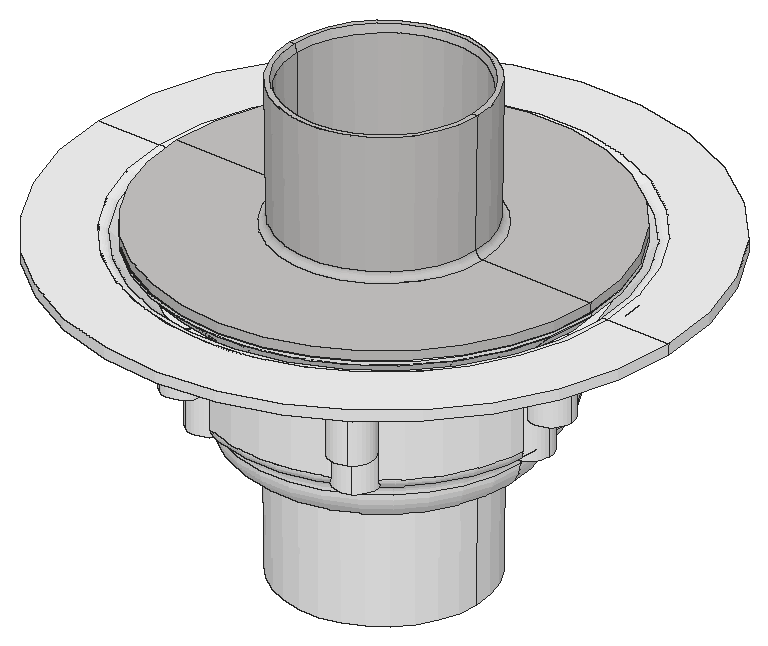
Revit family "3000.111.1 & 112.1 DPJ 65x80 BF", category Plumbing Fixtures, Revit 2019
Family settings
  Round Connector Dimension = Use Diameter
  Part Type = Normal
  OmniClass Number = 23.45.00.00
  Work Plane-Based = No
  Always vertical = Yes
  Cut with Voids When Loaded = No
  Shared = No
  Room Calculation Point = No
Parameters (values of type "DPJ 65x80nv")
  Waste Connection = yes
  Vent Connection = no
  V = not(NV)  # no
  URL = "www.aquaknight.co.nz"
  Phone = "+6498322214"  # constant formula
  NV = yes
  Model = "3000.112.1"
  Manufacturer = "Aquanight Industries Ltd"  # constant formula
  Inlet = 27.5 mm
  HW Connection = no
  Email = "info@aquaknight.co.nz"  # constant formula
  Description = "DownPipe Junction 65x80 non-vented"
  CW Connection = no
Types (2, lengths in mm): name | V | NV | Model | Inlet | Description
  DPJ 65x80v | yes | no | "3000.111.1" | 26 | "DownPipe Junction 65x80 vented"
  DPJ 65x80nv | no | yes | "3000.112.1" | 27.5 | "DownPipe Junction 65x80 non-vented"
Reference planes
  plane 1 "Center (Front/Back)": y = 0
  plane 2: z = 0
  plane 3 "Center (Left/Right)": x = 0
  plane 4: z = -98.932
  plane 5: z = 27.5
Forms (mm)
  Revolve 1, solid, material "Plastic, Glossy White"
    sketch origin (0, 0, -4) x (1, 0, 0) y (0, 0, 1)
      loop
        line (115, 0) -> (115, 4) -> (90.299, 4)
        arc (90.299, 4) -> (88.306, 3.585) -> (86.643, 2.41) r 5
        line (86.643, 2.41) -> (74.57, -10.536) -> (74.57, -12.5) -> (58.75, -12.5) -> (58.418, -50.494)
        arc (58.418, -50.494) -> (53.232, -54.057) -> (51.2, -60.012) r 10
        arc (51.2, -60.012) -> (49.075, -65.373) -> (43.898, -67.912) r 8
        line (43.898, -67.912) -> (39.586, -68.289)
        arc (39.586, -68.289) -> (35.703, -70.193) -> (34.109, -74.213) r 6
        line (34.109, -74.213) -> (33.723, -117.432) -> (37.723, -117.432) -> (38.125, -72.432) -> (44.246, -71.897)
        arc (44.246, -71.897) -> (52.012, -68.088) -> (55.2, -60.047) r 12
        arc (55.2, -60.047) -> (56.482, -56.392) -> (59.73, -54.282) r 6
        arc (59.73, -54.282) -> (61.906, -52.862) -> (62.75, -50.404) r 4
        line (62.75, -50.404) -> (62.75, -19.5) -> (74.07, -19.5)
        arc (74.07, -19.5) -> (76.898, -18.328) -> (78.07, -15.5) r 4
        line (78.07, -15.5) -> (78.07, -13.588)
        arc (78.07, -13.588) -> (78.236, -12.713) -> (78.711, -11.961) r 2.385
        line (78.711, -11.961) -> (89.864, 0) -> (115, 0)
      loop
        line (83.727, 2.845) -> (83.727, 4) -> (75.25, 4) -> (75.25, -0.6) -> (59.25, -0.6) -> (59.25, -5.1) -> (75.5, -5.1) -> (83.727, 2.845)
      axis (0, 4) -> (0, -117.432)
    angle from 0 to 360
  Extrusion 2, solid, material "Plastic, Glossy White", detail levels fine
    sketch origin (0, 0, -4) x (1, 0, 0) y (0, 1, 0)
      loop
        circle (-67.55, 0) r 8.2
      loop
        circle (67.55, 0) r 8.2
      loop
        circle (-33.775, -58.5) r 8.2
      loop
        circle (33.775, 58.5) r 8.2
      loop
        circle (33.775, -58.5) r 8.2
      loop
        circle (-33.775, 58.5) r 8.2
    from -38.379 to -12.5
  Revolve 3, solid, visible <- "V"
    sketch origin (0, 0, 0) x (1, 0, 0) y (0, 0, 1)
      loop
        line (35.279, 48.923) -> (34.624, -1.09) -> (31.114, -4.6) -> (31.114, -8.585) -> (35.1, -4.6) -> (74.875, -4.6) -> (74.875, -0.163) -> (39.508, -0.162)
        arc (39.508, -0.162) -> (38.119, 0.399) -> (37.51, 1.768) r 2
        line (37.51, 1.768) -> (37.329, 6.932) -> (37.918, 51.875) -> (36.111, 51.875) -> (35.279, 48.923)
      axis (0, 51.875) -> (0, -8.585)
    angle from 0 to 360
  Revolve 4, solid, material "Stainless Steel", visible <- "NV"
    sketch origin (0, 0, 0) x (1, 0, 0) y (0, 0, 1)
      loop
        line (-37.905, 55.395) -> (-37.266, 6.57)
        arc (-37.266, 6.57) -> (-38.025, 4.684) -> (-39.901, 3.9) r 2.635
        line (-39.901, 3.9) -> (-83.625, 3.9) -> (-83.625, 0.426) -> (-53.071, 0.038) -> (-35.237, 0.037) -> (-31.114, -4.085) -> (-31.114, 0.864) -> (-34.637, 4.387) -> (-35.265, 52.395) -> (-36.111, 55.395) -> (-37.905, 55.395)
      loop
        line (-75.25, 0.037) -> (-83.656, 0.037) -> (-83.656, -1.232) -> (-76.076, -8.812) -> (-59.25, -8.812) -> (-59.25, -4.6) -> (-75.25, -4.6) -> (-75.25, 0.037)
      axis (0, 55.395) -> (0, -8.812)
    angle from 0 to 360
  Extrusion 5, void
    sketch origin (0, 0, 0) x (1, 0, 0) y (0, 1, 0)
      loop
        line (-16.76, 36.181) -> (-14.686, 37.071) -> (-24.247, 66.093) -> (-31.215, 63.102) -> (-16.76, 36.181)
      loop
        line (-10.223, 38.542) -> (-8.026, 39.058) -> (-12.402, 69.299) -> (-19.783, 67.563) -> (-10.223, 38.542)
      loop
        line (-3.375, 39.731) -> (-1.122, 39.859) -> (-0.18, 70.4) -> (-7.75, 69.972) -> (-3.375, 39.731)
      loop
        line (3.576, 39.714) -> (5.817, 39.448) -> (12.048, 69.361) -> (4.518, 70.255) -> (3.576, 39.714)
      loop
        line (-36.096, 16.943) -> (-35.079, 18.958) -> (-61.058, 35.044) -> (-64.473, 28.274) -> (-36.096, 16.943)
      loop
        line (-32.605, 22.954) -> (-31.254, 24.761) -> (-54.045, 45.114) -> (-58.584, 39.04) -> (-32.605, 22.954)
      loop
        line (-28.124, 28.267) -> (-26.48, 29.812) -> (-45.39, 53.814) -> (-50.914, 48.62) -> (-28.124, 28.267)
      loop
        line (-22.788, 32.721) -> (-20.901, 33.958) -> (-35.356, 60.878) -> (-41.698, 56.723) -> (-22.788, 32.721)
      loop
        line (-38.542, -10.223) -> (-39.058, -8.026) -> (-69.299, -12.402) -> (-67.563, -19.783) -> (-38.542, -10.223)
      loop
        line (-39.731, -3.375) -> (-39.859, -1.122) -> (-70.4, -0.18) -> (-69.972, -7.75) -> (-39.731, -3.375)
      loop
        line (-39.714, 3.576) -> (-39.448, 5.817) -> (-69.361, 12.048) -> (-70.255, 4.518) -> (-39.714, 3.576)
      loop
        line (-38.489, 10.418) -> (-37.838, 12.578) -> (-66.216, 23.909) -> (-68.403, 16.649) -> (-38.489, 10.418)
      loop
        line (-22.954, -32.605) -> (-24.761, -31.254) -> (-45.114, -54.045) -> (-39.04, -58.584) -> (-22.954, -32.605)
      loop
        line (-28.267, -28.124) -> (-29.812, -26.48) -> (-53.814, -45.39) -> (-48.62, -50.914) -> (-28.267, -28.124)
      loop
        line (-32.721, -22.788) -> (-33.958, -20.901) -> (-60.878, -35.356) -> (-56.723, -41.698) -> (-32.721, -22.788)
      loop
        line (-36.181, -16.76) -> (-37.071, -14.686) -> (-66.093, -24.247) -> (-63.102, -31.215) -> (-36.181, -16.76)
      loop
        line (3.375, -39.731) -> (1.122, -39.859) -> (0.18, -70.4) -> (7.75, -69.972) -> (3.375, -39.731)
      loop
        line (-3.576, -39.714) -> (-5.817, -39.448) -> (-12.048, -69.361) -> (-4.518, -70.255) -> (-3.576, -39.714)
      loop
        line (-10.418, -38.489) -> (-12.578, -37.838) -> (-23.909, -66.216) -> (-16.649, -68.403) -> (-10.418, -38.489)
      loop
        line (-16.943, -36.096) -> (-18.958, -35.079) -> (-35.044, -61.058) -> (-28.274, -64.473) -> (-16.943, -36.096)
      loop
        line (28.124, -28.267) -> (26.48, -29.812) -> (45.39, -53.814) -> (50.914, -48.62) -> (28.124, -28.267)
      loop
        line (22.788, -32.721) -> (20.901, -33.958) -> (35.356, -60.878) -> (41.698, -56.723) -> (22.788, -32.721)
      loop
        line (16.76, -36.181) -> (14.686, -37.071) -> (24.247, -66.093) -> (31.215, -63.102) -> (16.76, -36.181)
      loop
        line (10.223, -38.542) -> (8.026, -39.058) -> (12.402, -69.299) -> (19.783, -67.563) -> (10.223, -38.542)
      loop
        line (39.714, -3.576) -> (39.448, -5.817) -> (69.361, -12.048) -> (70.255, -4.518) -> (39.714, -3.576)
      loop
        line (38.489, -10.418) -> (37.838, -12.578) -> (66.216, -23.909) -> (68.403, -16.649) -> (38.489, -10.418)
      loop
        line (36.096, -16.943) -> (35.079, -18.958) -> (61.058, -35.044) -> (64.473, -28.274) -> (36.096, -16.943)
      loop
        line (32.605, -22.954) -> (31.254, -24.761) -> (54.045, -45.114) -> (58.584, -39.04) -> (32.605, -22.954)
      loop
        line (32.721, 22.788) -> (33.958, 20.901) -> (60.878, 35.356) -> (56.723, 41.698) -> (32.721, 22.788)
      loop
        line (36.181, 16.76) -> (37.071, 14.686) -> (66.093, 24.247) -> (63.102, 31.215) -> (36.181, 16.76)
      loop
        line (38.542, 10.223) -> (39.058, 8.026) -> (69.299, 12.402) -> (67.563, 19.783) -> (38.542, 10.223)
      loop
        line (39.731, 3.375) -> (39.859, 1.122) -> (70.4, 0.18) -> (69.972, 7.75) -> (39.731, 3.375)
      loop
        line (10.418, 38.489) -> (12.578, 37.838) -> (23.909, 66.216) -> (16.649, 68.403) -> (10.418, 38.489)
      loop
        line (16.943, 36.096) -> (18.958, 35.079) -> (35.044, 61.058) -> (28.274, 64.473) -> (16.943, 36.096)
      loop
        line (22.954, 32.605) -> (24.761, 31.254) -> (45.114, 54.045) -> (39.04, 58.584) -> (22.954, 32.605)
      loop
        line (28.267, 28.124) -> (29.812, 26.48) -> (53.814, 45.39) -> (48.62, 50.914) -> (28.267, 28.124)
    from -3.851 to 5.895
  Extrusion 6, solid, material "Plastic, Glossy White"
    sketch origin (0, 0, 0) x (1, 0, 0) y (0, 1, 0)
      loop
        circle (-58.802, 0) r 8.195
      loop
        circle (58.802, 0) r 8.195
      loop
        circle (-29.401, 50.924) r 8.195
      loop
        circle (29.401, -50.924) r 8.195
      loop
        circle (29.401, 50.924) r 8.195
      loop
        circle (-29.401, -50.924) r 8.195
    from -16.5 to -57.563
Cuts and joins
  Extrusion 5 cuts Revolve 3
Lines and regions (mm)
  Masking region 1
    outline origin (0, 0, 0) x (1, 0, 0) y (0, 1, 0)
      loop
        circle (0, 0) r 115
  symbolic lines, style "PlumbingFixtures", detail levels fine
    curve 1: circle (-106.957, -0.183, 0) r 4.5 normal (0, 0, -1)
    curve 2: circle (-53.637, 92.536, 0) r 4.5 normal (0, 0, -1)
    curve 3: circle (53.32, 92.719, 0) r 4.5 normal (0, 0, -1)
    curve 4: circle (106.957, 0.183, 0) r 4.5 normal (0, 0, -1)
    curve 5: circle (53.637, -92.536, 0) r 4.5 normal (0, 0, -1)
    curve 6: circle (-53.32, -92.719, 0) r 4.5 normal (0, 0, -1)
  symbolic lines
    curve 7: circle (0, 0, 0) r 32.5 normal (0, 0, 1)
    curve 8: circle (0, 0, 0) r 89.864 normal (0, 0, 1)
  symbolic lines, visible <- "V"
    curve 9: circle (0, 0, 0) r 70 normal (0, 0, 1)
    curve 10: circle (0, 0, 0) r 40 normal (0, 0, 1)
Dimensions and locks
  locked: level to plane 4 at 98.932
  locked: connector elem to plane 1 "Center (Front/Back)" at 0
  locked: connector elem to plane 3 "Center (Left/Right)" at 0  (x2)
  locked: Revolve 4 to level at 55.395
  locked: cut or joined group of Revolve 3, Extrusion 5 to level at 51.875
  "Inlet": plane 5 to level
  locked: connector elem to plane 1 "Center (Front/Back)"
  aligned and locked: level to plane 2
Automatic sketch dimensions
  Revolve 1 sketch curve to Revolve 1 sketch curve = 0 mm  (x5)
  Revolve 1 sketch curve to plane 3 "Center (Left/Right)" = 0 mm
  Revolve 1 sketch curve to level = 0 mm  (x2)
  plane 3 "Center (Left/Right)" to Revolve 1 sketch curve = 33.723 mm
  plane 3 "Center (Left/Right)" to Revolve 1 sketch curve = 34.109 mm
  Revolve 1 sketch curve to Revolve 1 sketch curve = 4 mm  (x2)
  Revolve 1 sketch curve to Revolve 1 sketch curve = 4.016 mm
  plane 4 to Revolve 1 sketch curve = 26.643 mm
  Revolve 1 sketch curve to Revolve 1 sketch curve = 1.461 mm
  Revolve 1 sketch curve to Revolve 1 sketch curve = 1.984 mm
  Revolve 1 sketch curve to Revolve 1 sketch curve = 3.615 mm
  plane 4 to Revolve 1 sketch curve = 27.02 mm
  Revolve 1 sketch curve to Revolve 1 sketch curve = 4.312 mm
  plane 4 to Revolve 1 sketch curve = 23.036 mm
  Revolve 1 sketch curve to Revolve 1 sketch curve = 0.349 mm
  Revolve 1 sketch curve to Revolve 1 sketch curve = 15.218 mm
  Revolve 1 sketch curve to level = 16.5 mm
  Revolve 1 sketch curve to Revolve 1 sketch curve = 0.332 mm  (x2)
  Revolve 1 sketch curve to Revolve 1 sketch curve = 0.5 mm  (x2)
  Revolve 1 sketch curve to Revolve 1 sketch curve = 2.781 mm
  Revolve 1 sketch curve to Revolve 1 sketch curve = 11.32 mm
  Revolve 1 sketch curve to Revolve 1 sketch curve = 0.68 mm
  Revolve 1 sketch curve to Revolve 1 sketch curve = 0.25 mm
  Revolve 1 sketch curve to Revolve 1 sketch curve = 3.5 mm
  Revolve 1 sketch curve to level = 15.961 mm
  Revolve 1 sketch curve to Revolve 1 sketch curve = 0.641 mm
  Revolve 1 sketch curve to Revolve 1 sketch curve = 1.744 mm
  Revolve 1 sketch curve to level = 1.155 mm
  Revolve 1 sketch curve to Revolve 1 sketch curve = 8.477 mm
  Revolve 1 sketch curve to level = 1.59 mm
  Revolve 1 sketch curve to Revolve 1 sketch curve = 2.915 mm
  Revolve 1 sketch curve to Revolve 1 sketch curve = 3.222 mm
  Revolve 1 sketch curve to Revolve 1 sketch curve = 3.657 mm
  Revolve 1 sketch curve to level = 4 mm
  Revolve 1 sketch curve to Revolve 1 sketch curve = 24.701 mm
  Revolve 1 sketch curve to Revolve 1 sketch curve = 4.143 mm
  Revolve 1 sketch curve to Revolve 1 sketch curve = 1.781 mm
  Revolve 1 sketch curve to plane 4 = 22.5 mm
  Revolve 1 sketch curve to Revolve 1 sketch curve = 7.812 mm
  Revolve 1 sketch curve to Revolve 1 sketch curve = 7.97 mm
  Revolve 1 sketch curve to Revolve 1 sketch curve = 9.605 mm
  Revolve 1 sketch curve to Revolve 1 sketch curve = 0.09 mm
  Revolve 1 sketch curve to Revolve 1 sketch curve = 7 mm
  Revolve 1 sketch curve to Revolve 1 sketch curve = 1.964 mm
  Revolve 1 sketch curve to Revolve 1 sketch curve = 5.436 mm
  Revolve 1 sketch curve to Revolve 1 sketch curve = 4.5 mm
  Revolve 1 sketch curve to Revolve 1 sketch curve = 301.578 mm
  plane 5 to Revolve 1 sketch curve = 2412.91 mm
  plane 1 "Center (Front/Back)" to Extrusion 2 sketch curve = 0 mm  (x2)
  Extrusion 2 sketch curve to plane 3 "Center (Left/Right)" = 67.55 mm
  Extrusion 2 sketch curve to plane 3 "Center (Left/Right)" = 33.775 mm  (x2)
  plane 3 "Center (Left/Right)" to Extrusion 2 sketch curve = 33.775 mm  (x2)
  plane 3 "Center (Left/Right)" to Extrusion 2 sketch curve = 67.55 mm
  plane 1 "Center (Front/Back)" to Extrusion 2 sketch curve = 58.5 mm  (x2)
  Extrusion 2 sketch curve to plane 1 "Center (Front/Back)" = 58.5 mm  (x2)
  Revolve 3 sketch curve to plane 3 "Center (Left/Right)" = 0 mm
  Revolve 3 sketch curve to level = 4.6 mm  (x2)
  plane 3 "Center (Left/Right)" to Revolve 3 sketch curve = 31.114 mm
  Revolve 3 sketch curve to level = 1.09 mm
  Revolve 3 sketch curve to Revolve 3 sketch curve = 3.51 mm
  Revolve 3 sketch curve to Revolve 3 sketch curve = 0.476 mm
  plane 3 "Center (Left/Right)" to Revolve 3 sketch curve = 35.279 mm
  Revolve 3 sketch curve to Revolve 3 sketch curve = 0.833 mm
  level to Revolve 3 sketch curve = 6.932 mm
  Revolve 3 sketch curve to Revolve 3 sketch curve = 2.705 mm
  level to Revolve 3 sketch curve = 1.768 mm
  Revolve 3 sketch curve to Revolve 3 sketch curve = 2.886 mm
  Revolve 3 sketch curve to Revolve 3 sketch curve = 1.806 mm
  Revolve 3 sketch curve to level = 0.162 mm
  Revolve 3 sketch curve to Revolve 3 sketch curve = 1.999 mm
  Revolve 3 sketch curve to Revolve 3 sketch curve = 35.367 mm
  Revolve 3 sketch curve to Revolve 3 sketch curve = 3.985 mm
  plane 5 to Revolve 3 sketch curve = 21.423 mm
  Revolve 3 sketch curve to Revolve 3 sketch curve = 2.952 mm
  Revolve 3 sketch curve to plane 4 = 320.078 mm
  Revolve 3 sketch curve to Revolve 3 sketch curve = 2393.368 mm
  Revolve 4 sketch curve to plane 3 "Center (Left/Right)" = 0 mm
  Revolve 4 sketch curve to level = 4.085 mm
  Revolve 4 sketch curve to plane 3 "Center (Left/Right)" = 31.114 mm
  level to Revolve 4 sketch curve = 4.387 mm
  Revolve 4 sketch curve to Revolve 4 sketch curve = 3.522 mm
  level to Revolve 4 sketch curve = 0.037 mm  (x2)
  Revolve 4 sketch curve to Revolve 4 sketch curve = 4.123 mm
  Revolve 4 sketch curve to plane 3 "Center (Left/Right)" = 35.265 mm
  Revolve 4 sketch curve to Revolve 4 sketch curve = 0.846 mm
  level to Revolve 4 sketch curve = 6.57 mm
  Revolve 4 sketch curve to Revolve 4 sketch curve = 2.629 mm
  Revolve 4 sketch curve to Revolve 4 sketch curve = 1.793 mm
  Revolve 4 sketch curve to Revolve 4 sketch curve = 2.635 mm
  Revolve 4 sketch curve to Revolve 4 sketch curve = 13.17 mm
  Revolve 4 sketch curve to Revolve 4 sketch curve = 6.179 mm
  Revolve 4 sketch curve to level = 4.6 mm
  Revolve 4 sketch curve to Revolve 4 sketch curve = 16 mm
  Revolve 4 sketch curve to Revolve 4 sketch curve = 0.826 mm
  level to Revolve 4 sketch curve = 3.9 mm
  Revolve 4 sketch curve to Revolve 4 sketch curve = 8.375 mm
  Revolve 4 sketch curve to Revolve 4 sketch curve = 0.031 mm
  Revolve 4 sketch curve to Revolve 4 sketch curve = 4.212 mm
  Revolve 4 sketch curve to level = 1.232 mm
  Revolve 4 sketch curve to Revolve 4 sketch curve = 0.389 mm
  level to Revolve 4 sketch curve = 0.864 mm
  plane 5 to Revolve 4 sketch curve = 24.895 mm
  Revolve 4 sketch curve to Revolve 4 sketch curve = 3 mm
  Revolve 4 sketch curve to plane 4 = 320.078 mm
  Revolve 4 sketch curve to Revolve 4 sketch curve = 2389.848 mm
  plane 1 "Center (Front/Back)" to Extrusion 5 sketch curve = 0.18 mm
  Extrusion 5 sketch curve to plane 3 "Center (Left/Right)" = 70.4 mm
  Extrusion 5 sketch curve to plane 1 "Center (Front/Back)" = 4.518 mm
  Extrusion 5 sketch curve to Extrusion 5 sketch curve = 0.145 mm  (x5)
  plane 1 "Center (Front/Back)" to Extrusion 5 sketch curve = 7.75 mm
  Extrusion 5 sketch curve to Extrusion 5 sketch curve = 0.428 mm
  Extrusion 5 sketch curve to plane 1 "Center (Front/Back)" = 12.048 mm
  Extrusion 5 sketch curve to Extrusion 5 sketch curve = 0.893 mm  (x4)
  plane 1 "Center (Front/Back)" to Extrusion 5 sketch curve = 12.402 mm
  Extrusion 5 sketch curve to Extrusion 5 sketch curve = 0.673 mm  (x8)
  Extrusion 5 sketch curve to plane 1 "Center (Front/Back)" = 16.649 mm
  Extrusion 5 sketch curve to Extrusion 5 sketch curve = 0.958 mm  (x8)
  plane 1 "Center (Front/Back)" to Extrusion 5 sketch curve = 19.783 mm
  Extrusion 5 sketch curve to Extrusion 5 sketch curve = 1.736 mm  (x4)
  Extrusion 5 sketch curve to plane 1 "Center (Front/Back)" = 23.909 mm
  Extrusion 5 sketch curve to Extrusion 5 sketch curve = 2.187 mm  (x4)
  plane 1 "Center (Front/Back)" to Extrusion 5 sketch curve = 24.247 mm
  Extrusion 5 sketch curve to Extrusion 5 sketch curve = 1.471 mm  (x8)
  Extrusion 5 sketch curve to plane 1 "Center (Front/Back)" = 28.274 mm
  Extrusion 5 sketch curve to Extrusion 5 sketch curve = 1.743 mm  (x8)
  plane 1 "Center (Front/Back)" to Extrusion 5 sketch curve = 31.215 mm
  Extrusion 5 sketch curve to Extrusion 5 sketch curve = 2.991 mm  (x4)
  Extrusion 5 sketch curve to Extrusion 5 sketch curve = 3.415 mm  (x4)
  Extrusion 5 sketch curve to Extrusion 5 sketch curve = 2.223 mm  (x8)
  Extrusion 5 sketch curve to Extrusion 5 sketch curve = 2.474 mm  (x8)
  Extrusion 5 sketch curve to Extrusion 5 sketch curve = 4.156 mm  (x4)
  Extrusion 5 sketch curve to Extrusion 5 sketch curve = 4.539 mm  (x4)
  Extrusion 5 sketch curve to Extrusion 5 sketch curve = 2.909 mm  (x8)
  Extrusion 5 sketch curve to Extrusion 5 sketch curve = 3.131 mm  (x8)
  Extrusion 5 sketch curve to Extrusion 5 sketch curve = 5.194 mm  (x4)
  Extrusion 5 sketch curve to Extrusion 5 sketch curve = 5.525 mm  (x4)
  Extrusion 5 sketch curve to Extrusion 5 sketch curve = 3.505 mm  (x8)
  Extrusion 5 sketch curve to Extrusion 5 sketch curve = 3.692 mm  (x8)
  plane 1 "Center (Front/Back)" to Extrusion 5 sketch curve = 1.122 mm
  Extrusion 5 sketch curve to Extrusion 5 sketch curve = 30.541 mm
  plane 1 "Center (Front/Back)" to Extrusion 5 sketch curve = 3.375 mm
  Extrusion 5 sketch curve to Extrusion 5 sketch curve = 0.127 mm  (x4)
  Extrusion 5 sketch curve to plane 1 "Center (Front/Back)" = 3.576 mm
  Extrusion 5 sketch curve to plane 1 "Center (Front/Back)" = 5.817 mm
  Extrusion 5 sketch curve to Extrusion 5 sketch curve = 0.266 mm  (x4)
  plane 1 "Center (Front/Back)" to Extrusion 5 sketch curve = 8.026 mm
  Extrusion 5 sketch curve to Extrusion 5 sketch curve = 6.074 mm  (x4)
  plane 1 "Center (Front/Back)" to Extrusion 5 sketch curve = 10.223 mm
  Extrusion 5 sketch curve to Extrusion 5 sketch curve = 0.517 mm  (x4)
  Extrusion 5 sketch curve to plane 1 "Center (Front/Back)" = 10.418 mm
  Extrusion 5 sketch curve to plane 1 "Center (Front/Back)" = 12.578 mm
  Extrusion 5 sketch curve to Extrusion 5 sketch curve = 0.651 mm  (x4)
  plane 1 "Center (Front/Back)" to Extrusion 5 sketch curve = 14.686 mm
  plane 1 "Center (Front/Back)" to Extrusion 5 sketch curve = 16.76 mm
  Extrusion 5 sketch curve to Extrusion 5 sketch curve = 0.89 mm  (x4)
  Extrusion 5 sketch curve to plane 1 "Center (Front/Back)" = 16.943 mm
  Extrusion 5 sketch curve to Extrusion 5 sketch curve = 6.342 mm  (x4)
  Extrusion 5 sketch curve to Extrusion 5 sketch curve = 1.016 mm  (x4)
  Extrusion 5 sketch curve to Extrusion 5 sketch curve = 3.996 mm  (x7)
  Extrusion 5 sketch curve to Extrusion 5 sketch curve = 1.237 mm  (x4)
  Extrusion 5 sketch curve to Extrusion 5 sketch curve = 1.351 mm  (x4)
  Extrusion 5 sketch curve to Extrusion 5 sketch curve = 4.141 mm  (x7)
  Extrusion 5 sketch curve to Extrusion 5 sketch curve = 6.77 mm  (x4)
  Extrusion 5 sketch curve to Extrusion 5 sketch curve = 1.546 mm  (x4)
  Extrusion 5 sketch curve to Extrusion 5 sketch curve = 1.644 mm  (x4)
  Extrusion 5 sketch curve to Extrusion 5 sketch curve = 6.968 mm  (x2)
  Extrusion 5 sketch curve to Extrusion 5 sketch curve = 4.365 mm  (x4)
  Extrusion 5 sketch curve to Extrusion 5 sketch curve = 1.808 mm  (x4)
  Extrusion 5 sketch curve to Extrusion 5 sketch curve = 1.887 mm  (x4)
  Extrusion 5 sketch curve to Extrusion 5 sketch curve = 4.464 mm  (x4)
  Extrusion 5 sketch curve to Extrusion 5 sketch curve = 2.015 mm  (x4)
  Extrusion 5 sketch curve to Extrusion 5 sketch curve = 7.26 mm  (x2)
  Extrusion 5 sketch curve to Extrusion 5 sketch curve = 2.073 mm  (x2)
  Extrusion 5 sketch curve to Extrusion 5 sketch curve = 7.381 mm  (x2)
  Extrusion 5 sketch curve to Extrusion 5 sketch curve = 4.601 mm  (x4)
  Extrusion 5 sketch curve to Extrusion 5 sketch curve = 2.161 mm  (x2)
  Extrusion 5 sketch curve to Extrusion 5 sketch curve = 2.197 mm  (x2)
  Extrusion 5 sketch curve to Extrusion 5 sketch curve = 4.651 mm  (x3)
  Extrusion 5 sketch curve to plane 3 "Center (Left/Right)" = 4.518 mm
  Extrusion 5 sketch curve to Extrusion 5 sketch curve = 2.241 mm  (x2)
  Extrusion 5 sketch curve to plane 3 "Center (Left/Right)" = 3.375 mm
  Extrusion 5 sketch curve to plane 3 "Center (Left/Right)" = 1.122 mm
  Extrusion 5 sketch curve to plane 3 "Center (Left/Right)" = 0.18 mm
  plane 3 "Center (Left/Right)" to Extrusion 5 sketch curve = 0.18 mm
  plane 3 "Center (Left/Right)" to Extrusion 5 sketch curve = 1.122 mm
  Extrusion 5 sketch curve to Extrusion 5 sketch curve = 2.253 mm
  plane 3 "Center (Left/Right)" to Extrusion 5 sketch curve = 3.576 mm
  plane 3 "Center (Left/Right)" to Extrusion 5 sketch curve = 4.518 mm
  Extrusion 5 sketch curve to Extrusion 5 sketch curve = 7.571 mm
  Extrusion 5 sketch curve to Extrusion 5 sketch curve = 7.53 mm
  plane 1 "Center (Front/Back)" to Extrusion 5 sketch curve = 16.943 mm
  Extrusion 5 sketch curve to plane 1 "Center (Front/Back)" = 16.76 mm
  Extrusion 5 sketch curve to plane 1 "Center (Front/Back)" = 14.686 mm
  plane 1 "Center (Front/Back)" to Extrusion 5 sketch curve = 12.578 mm
  plane 1 "Center (Front/Back)" to Extrusion 5 sketch curve = 10.418 mm
  Extrusion 5 sketch curve to plane 1 "Center (Front/Back)" = 10.223 mm
  Extrusion 5 sketch curve to plane 1 "Center (Front/Back)" = 8.026 mm
  plane 1 "Center (Front/Back)" to Extrusion 5 sketch curve = 5.817 mm
  plane 1 "Center (Front/Back)" to Extrusion 5 sketch curve = 3.576 mm
  Extrusion 5 sketch curve to plane 1 "Center (Front/Back)" = 3.375 mm
  Extrusion 5 sketch curve to plane 1 "Center (Front/Back)" = 1.122 mm
  Extrusion 5 sketch curve to plane 1 "Center (Front/Back)" = 31.215 mm
  plane 1 "Center (Front/Back)" to Extrusion 5 sketch curve = 28.274 mm
  Extrusion 5 sketch curve to plane 1 "Center (Front/Back)" = 24.247 mm
  plane 1 "Center (Front/Back)" to Extrusion 5 sketch curve = 23.909 mm
  Extrusion 5 sketch curve to plane 1 "Center (Front/Back)" = 19.783 mm
  plane 1 "Center (Front/Back)" to Extrusion 5 sketch curve = 16.649 mm
  Extrusion 5 sketch curve to plane 1 "Center (Front/Back)" = 12.402 mm
  plane 1 "Center (Front/Back)" to Extrusion 5 sketch curve = 12.048 mm
  Extrusion 5 sketch curve to plane 1 "Center (Front/Back)" = 7.75 mm
  plane 1 "Center (Front/Back)" to Extrusion 5 sketch curve = 4.518 mm
  Extrusion 5 sketch curve to plane 1 "Center (Front/Back)" = 0.18 mm
  Extrusion 5 sketch curve to Extrusion 5 sketch curve = 14.494 mm
  Extrusion 5 sketch curve to Extrusion 5 sketch curve = 15.778 mm
  plane 1 "Center (Front/Back)" to Extrusion 6 sketch curve = 0 mm  (x2)
  Extrusion 6 sketch curve to plane 3 "Center (Left/Right)" = 58.802 mm
  Extrusion 6 sketch curve to plane 3 "Center (Left/Right)" = 29.401 mm  (x2)
  plane 3 "Center (Left/Right)" to Extrusion 6 sketch curve = 29.401 mm  (x2)
  Extrusion 6 sketch curve to Extrusion 6 sketch curve = 29.401 mm
  plane 1 "Center (Front/Back)" to Extrusion 6 sketch curve = 50.924 mm  (x2)
  Extrusion 6 sketch curve to plane 1 "Center (Front/Back)" = 50.924 mm  (x2)
  curve 7 to curve 8 = 0 mm  (x2)
  curve 7 to curve 9 = 0 mm  (x2)
  curve 7 to curve 10 = 0 mm  (x2)
  curve 8 to curve 9 = 0 mm  (x2)
  curve 8 to curve 10 = 0 mm  (x2)
  curve 9 to curve 10 = 0 mm  (x2)
  plane 1 "Center (Front/Back)" to curve 10 = 0 mm
  curve 9 to plane 3 "Center (Left/Right)" = 0 mm
  plane 1 "Center (Front/Back)" to curve 1 = 0.183 mm
  plane 1 "Center (Front/Back)" to curve 5 = 92.536 mm
  plane 1 "Center (Front/Back)" to curve 6 = 92.719 mm
  curve 4 to plane 1 "Center (Front/Back)" = 0.183 mm
  curve 2 to plane 1 "Center (Front/Back)" = 92.536 mm
  curve 3 to plane 1 "Center (Front/Back)" = 92.719 mm
  plane 3 "Center (Left/Right)" to curve 3 = 53.32 mm
  plane 3 "Center (Left/Right)" to curve 5 = 53.637 mm
  plane 3 "Center (Left/Right)" to curve 4 = 106.957 mm
  curve 6 to plane 3 "Center (Left/Right)" = 53.32 mm
  curve 2 to plane 3 "Center (Left/Right)" = 53.637 mm
  curve 1 to plane 3 "Center (Left/Right)" = 106.957 mm
  plane 1 "Center (Front/Back)" to Masking region 1 sketch curve = 0 mm
  Masking region 1 sketch curve to plane 3 "Center (Left/Right)" = 0 mm
  radius of Extrusion 2 sketch curve = 8.2 mm  (x6)
  radius of Extrusion 6 sketch curve = 8.195 mm  (x6)
  radius of curve 1 = 4.5 mm
  radius of curve 2 = 4.5 mm
  radius of curve 3 = 4.5 mm
  radius of curve 4 = 4.5 mm
  radius of curve 5 = 4.5 mm
  radius of curve 6 = 4.5 mm
  radius of curve 7 = 32.5 mm
  radius of curve 8 = 89.864 mm
  radius of curve 9 = 70 mm
  radius of curve 10 = 40 mm
  radius of Masking region 1 sketch curve = 115 mm
Connectors
  piping at (0, 0, -98.932), diameter 80
    settings: on plane 4, index 1, connector inside diameter 609.6 mm, connector length 0 mm, flow factor 0, pipe flow 0.0 L/s, pressure drop 0.0 Pa, fitting loss kfactor 0, connector angle 0.00°, fixture units 0, engagement length 0 mm, angle of deflection 0.00°, flow configuration 0, flow direction 0, fitting loss method 0, system type 28, joint type 0, gender type 0, connector reference index -1, connector utility 0, adjustable connector no, is connector primary yes, connector description ""
  piping at (0, 0, 27.5), diameter 65
    settings: on plane 5, index 2, connector inside diameter 609.6 mm, connector length 0 mm, flow factor 0, pipe flow 0.0 L/s, pressure drop 0.0 Pa, fitting loss kfactor 0, connector angle 0.00°, fixture units 0, engagement length 0 mm, angle of deflection 0.00°, flow configuration 0, flow direction 0, fitting loss method 0, system type 28, joint type 0, gender type 0, connector reference index -1, connector utility 0, adjustable connector no, is connector primary no, connector description ""
